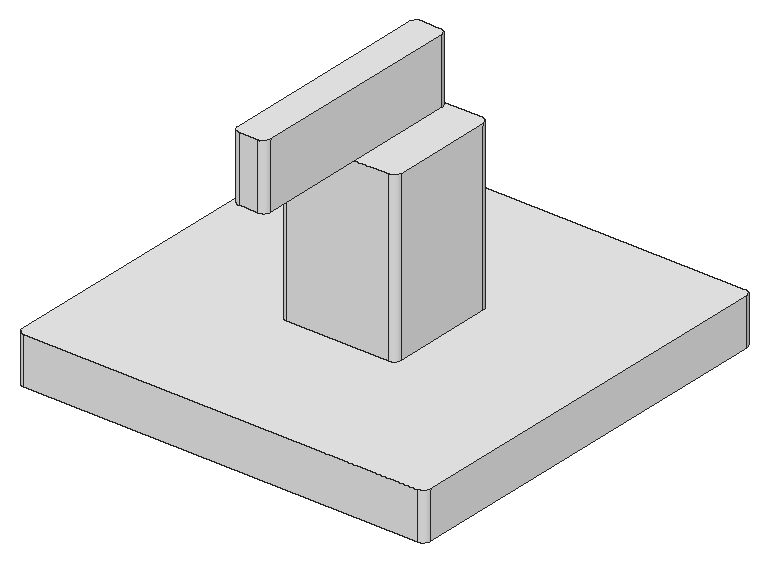
Revit family
Parameters (values of type "Chrome-Polished_Chrome-CP")
  Width = 0' - 5 1/2"
  WFU = 0
  URL = "http://www.us.kohler.com"
  Product Page URL = "http://www.us.kohler.com/onlinecatalog/detail.jsp?prod_num=T14673-4"
  Product Documentation Link = "http://www.us.kohler.com/onlinecatalog/pdf/1138916_4.pdf"
  Model = "K-T14673-4"  # constant formula
  Manufacturer = "Kohler"  # constant formula
  Length = 0' - 3 3/4"
  Hot Water Radius = 3/16"
  Hot Water Diameter = Hot Water Radius * 2  # 3/8"
  Hot Water Connector = "Hot Water Connection"  # constant formula
  Height = 0' - 5 1/2"
  HWFU = 0
  HW Connection = yes
  Finish = Chrome-Kohler-CP-Polished_Chrome
  Description = "Sheetflow volume control valve trim"  # constant formula
  Default Elevation = 0' - 0"
  Created By = "http://medialab3dstudio.com/"
  Cold Water Radius = 3/16"
  Cold Water Diameter = Cold Water Radius * 2  # 3/8"
  Cold Water Connector = "Cold Water Connection"  # constant formula
  CWFU = 0
  CW Connection = yes
  Assembly Code = "C1030200"
  Actual Valve Water Flow = 0 GPM
  ADA Compliant = yes
Types (4): name | Finish
  (no name) | Chrome-Kohler-CP-Polished_Chrome
  Chrome-Polished_Chrome-CP | Chrome-Kohler-CP-Polished_Chrome
  Nickel-Brushed_Nickel-BN | Nickel-Kohler-BN-Brushed_Nickel
  Nickel-Polished_Nickel-SN | Nickel-Kohler-SN-Polished_Nickel
Reference planes (in)
  plane 1 "Center (Front/Back)": y = 0
  plane 2 "Back": z = 0
  plane 3 "Center (Left/Right)": x = 0
  plane 4 "Left": x = -2.75
  plane 5 "Right": x = 2.75
  plane 6 "Top": y = 2.75
  plane 7 "Bottom": y = -2.75
  plane 8 "Front": z = 3.75
  plane 9 "Top of Base": z = 0.625
  plane 10: y = 0.78125
  plane 11: y = -0.78125
  plane 12: x = -0.78125
  plane 13: x = 0.78125
  plane 14: z = 2.875
  plane 15: x = -0.21875
  plane 16: x = 0.21875
  plane 17: y = -2.28125
  plane 18: x = 0.3125
  plane 19: x = -0.3125
  plane 20: z = 0.25712
Forms (in)
  Extrusion 1, solid, not visible
    sketch origin (0, 0, 0) x (1, 0, 0) y (0, 1, 0)
      loop
        line (-11, 13) -> (-11, -13.03094) -> (11.10516, -13.03094) -> (11.10516, 13) -> (-11, 13)
    from 0 to -12
  Extrusion 2, solid, material "Chrome-Kohler-CP-Polished_Chrome" <- "Finish", detail levels medium+fine
    sketch origin (0, 0, 0) x (1, 0, 0) y (0, 1, 0)
      loop
        arc (-2.65625, 2.75) -> (-2.72254, 2.72254) -> (-2.75, 2.65625) r 0.09375
        line (-2.75, 2.65625) -> (-2.75, -2.65625)
        arc (-2.75, -2.65625) -> (-2.72254, -2.72254) -> (-2.65625, -2.75) r 0.09375
        line (-2.65625, -2.75) -> (2.65625, -2.75)
        arc (2.65625, -2.75) -> (2.72254, -2.72254) -> (2.75, -2.65625) r 0.09375
        line (2.75, -2.65625) -> (2.75, 2.65625)
        arc (2.75, 2.65625) -> (2.72254, 2.72254) -> (2.65625, 2.75) r 0.09375
        line (2.65625, 2.75) -> (-2.65625, 2.75)
    from 0 to 0.625
  Extrusion 3, solid, material "Chrome-Kohler-CP-Polished_Chrome" <- "Finish", detail levels medium+fine
    sketch origin (0, 0, 0) x (1, 0, 0) y (0, 1, 0)
      loop
        arc (-0.6875, 0.78125) -> (-0.75379, 0.75379) -> (-0.78125, 0.6875) r 0.09375
        line (-0.78125, 0.6875) -> (-0.78125, -0.6875)
        arc (-0.78125, -0.6875) -> (-0.75379, -0.75379) -> (-0.6875, -0.78125) r 0.09375
        line (-0.6875, -0.78125) -> (0.6875, -0.78125)
        arc (0.6875, -0.78125) -> (0.75379, -0.75379) -> (0.78125, -0.6875) r 0.09375
        line (0.78125, -0.6875) -> (0.78125, 0.6875)
        arc (0.78125, 0.6875) -> (0.75379, 0.75379) -> (0.6875, 0.78125) r 0.09375
        line (0.6875, 0.78125) -> (-0.6875, 0.78125)
    from 0.625 to 2.875
  Extrusion 4, solid, material "Chrome-Kohler-CP-Polished_Chrome" <- "Finish", detail levels medium+fine
    sketch origin (0, 0, 0) x (1, 0, 0) y (0, 1, 0)
      loop
        arc (-0.125, 0.78125) -> (-0.19129, 0.75379) -> (-0.21875, 0.6875) r 0.09375
        line (-0.21875, 0.6875) -> (-0.21875, -2.1875)
        arc (-0.21875, -2.1875) -> (-0.19129, -2.25379) -> (-0.125, -2.28125) r 0.09375
        line (-0.125, -2.28125) -> (0.125, -2.28125)
        arc (0.125, -2.28125) -> (0.19129, -2.25379) -> (0.21875, -2.1875) r 0.09375
        line (0.21875, -2.1875) -> (0.21875, 0.6875)
        arc (0.21875, 0.6875) -> (0.19129, 0.75379) -> (0.125, 0.78125) r 0.09375
        line (0.125, 0.78125) -> (-0.125, 0.78125)
    from 2.875 to 3.75
  Extrusion 5, void
    sketch origin (0, 0, 0) x (1, 0, 0) y (0, 1, 0)
      loop
        arc (0.125, 0) -> (0.17992, -0.13258) -> (0.3125, -0.1875) r 0.1875
        arc (0.3125, -0.1875) -> (0.44508, -0.13258) -> (0.5, 0) r 0.1875
        arc (0.5, 0) -> (0.44508, 0.13258) -> (0.3125, 0.1875) r 0.1875
        arc (0.3125, 0.1875) -> (0.17992, 0.13258) -> (0.125, 0) r 0.1875
      loop
        arc (-0.3125, 0.1875) -> (-0.44508, 0.13258) -> (-0.5, 0) r 0.1875
        arc (-0.5, 0) -> (-0.44508, -0.13258) -> (-0.3125, -0.1875) r 0.1875
        arc (-0.3125, -0.1875) -> (-0.17992, -0.13258) -> (-0.125, 0) r 0.1875
        arc (-0.125, 0) -> (-0.17992, 0.13258) -> (-0.3125, 0.1875) r 0.1875
    from 0 to 0.25712
Cuts and joins
  Extrusion 5 cuts Extrusion 2
  joined: Extrusion 2, Extrusion 3, Extrusion 4
Lines and regions (in)
  Masking region 1
    outline origin (0, 0, 0) x (1, 0, 0) y (0, 1, 0)
      loop
        line (-2.75, 2.75) -> (-2.75, -2.75) -> (2.75, -2.75) -> (2.75, 2.75) -> (-2.75, 2.75)
  Masking region 2, detail levels medium+fine
    outline origin (0, 0, 3.75) x (-1, 0, 0) y (0, -1, 0)
      loop
        line (0.78125, -0.78125) -> (0.78125, 0.78125) -> (0.21875, 0.78125) -> (0.21875, 2.28125) -> (-0.21875, 2.28125) -> (-0.21875, 0.78125) -> (-0.78125, 0.78125) -> (-0.78125, -0.78125) -> (0.78125, -0.78125)
  Masking region 3, detail levels coarse
    outline origin (0, 0, 0) x (1, 0, 0) y (0, 0, 1)
      loop
        line (-2.75, 3.75) -> (-2.75, 0) -> (2.75, 0) -> (2.75, 3.75) -> (-2.75, 3.75)
  Masking region 4, detail levels medium+fine
    outline origin (0, 0, 0) x (1, 0, 0) y (0, 0, 1)
      loop
        line (2.75, 0.625) -> (0.78125, 0.625) -> (0.78125, 2.875) -> (0.21875, 2.875) -> (0.21875, 3.75) -> (-0.21875, 3.75) -> (-0.21875, 2.875) -> (-0.78125, 2.875) -> (-0.78125, 0.625) -> (-2.75, 0.625) -> (-2.75, 0) -> (2.75, 0) -> (2.75, 0.625)
  Masking region 5, detail levels coarse
    outline origin (0, 0, 0) x (0, 1, 0) y (0, 0, 1)
      loop
        line (2.75, 3.75) -> (-2.75, 3.75) -> (-2.75, 0) -> (2.75, 0) -> (2.75, 3.75)
  Masking region 6, detail levels fine
    outline origin (0, 0, 0) x (0, 1, 0) y (0, 0, 1)
      loop
        line (-2.75, 0) -> (2.75, 0) -> (2.75, 0.625) -> (0.78125, 0.625) -> (0.78125, 3.75) -> (-2.28125, 3.75) -> (-2.28125, 2.875) -> (-0.78125, 2.875) -> (-0.78125, 0.625) -> (-2.75, 0.625) -> (-2.75, 0)
  Masking region 7, detail levels medium+fine
    outline origin (0, 0, 0) x (0, 1, 0) y (0, 0, 1)
      loop
        line (-2.75, 0) -> (2.75, 0) -> (2.75, 0.625) -> (0.78125, 0.625) -> (0.78125, 3.75) -> (-2.28125, 3.75) -> (-2.28125, 2.875) -> (-0.78125, 2.875) -> (-0.78125, 0.625) -> (-2.75, 0.625) -> (-2.75, 0)
  Masking region 8, detail levels fine
    outline origin (0, 0, 0) x (1, 0, 0) y (0, 1, 0)
      loop
        arc (-0.125, 0) -> (-0.17992, 0.13258) -> (-0.3125, 0.1875) r 0.1875
        arc (-0.3125, 0.1875) -> (-0.44508, 0.13258) -> (-0.5, 0) r 0.1875
        arc (-0.5, 0) -> (-0.44508, -0.13258) -> (-0.3125, -0.1875) r 0.1875
        arc (-0.3125, -0.1875) -> (-0.17992, -0.13258) -> (-0.125, 0) r 0.1875
      loop
        arc (0.125, 0) -> (0.17992, -0.13258) -> (0.3125, -0.1875) r 0.1875
        arc (0.3125, -0.1875) -> (0.44508, -0.13258) -> (0.5, 0) r 0.1875
        arc (0.5, 0) -> (0.44508, 0.13258) -> (0.3125, 0.1875) r 0.1875
        arc (0.3125, 0.1875) -> (0.17992, 0.13258) -> (0.125, 0) r 0.1875
  symbolic lines, style "Masking Lines", detail levels fine
    curve 1: line (-0.21875, -0.78125, 3.75) -> (-0.21875, 0.78125, 3.75)
    curve 2: line (0.21875, 0.78125, 3.75) -> (0.21875, -0.78125, 3.75)
    curve 3: line (-0.78125, 0, 0.625) -> (0.78125, 0, 0.625)
    curve 4: line (0, 0.78125, 2.875) -> (0, -0.78125, 2.875)
    curve 5: line (0, 0.78125, 0.625) -> (0, -0.78125, 0.625)
    curve 6: line (-0.21875, 0, 2.875) -> (0.21875, 0, 2.875)
Dimensions and locks (in)
  equal spacing: plane 4 "Left", plane 3 "Center (Left/Right)", plane 5 "Right", locked at 2.75 each
  "Width": plane 4 "Left" to plane 5 "Right"
  equal spacing: plane 6 "Top", plane 1 "Center (Front/Back)", plane 7 "Bottom", locked at 2.75 each
  "Height": plane 6 "Top" to plane 7 "Bottom"
  "Length": plane 8 "Front" to plane 2 "Back"
  plane 15 to plane 3 "Center (Left/Right)" to plane 16 = 0' - 0 7/32" locked, 0' - 0 7/32" locked
  plane 12 to plane 3 "Center (Left/Right)" to plane 13 = 0' - 0 25/32" locked, 0' - 0 25/32" locked
  locked: plane 17 to plane 7 "Bottom" at 0.46875
  equal spacing: plane 10, plane 1 "Center (Front/Back)", plane 11, locked at 0.78125 each
  plane 14 to plane 9 "Top of Base" to plane 2 "Back" = 0' - 2 1/4", 0' - 0 5/8" locked
  plane 10 to plane 1 "Center (Front/Back)" to plane 11 = 0' - 0 25/32" locked, 0' - 0 25/32" locked
  plane 19 to plane 3 "Center (Left/Right)" to plane 18 = 0' - 0 5/16" locked, 0' - 0 5/16" locked
  locked: plane 20 to plane 2 "Back" at 0.25712
  radius of Extrusion 2 sketch curve = 0' - 0 3/32"  (x4)
  radius of Extrusion 3 sketch curve = 0' - 0 3/32"  (x4)
  radius of Extrusion 4 sketch curve = 0' - 0 3/32"  (x4)
  "Cold Water Radius": radius of Extrusion 5 sketch curve
  "Hot Water Radius": radius of Extrusion 5 sketch curve
  aligned and locked: plane 2 "Back" to Extrusion 1
  aligned and locked: level to Extrusion 1
  aligned and locked: Extrusion 2 sketch curve to plane 6 "Top"
  aligned and locked: Extrusion 2 sketch curve to plane 5 "Right"
  aligned and locked: plane 7 "Bottom" to Extrusion 2 sketch curve
  aligned and locked: plane 4 "Left" to Extrusion 2 sketch curve  (x2)
  aligned and locked: Extrusion 2 to plane 2 "Back"
  aligned and locked: plane 9 "Top of Base" to Extrusion 2
  aligned and locked: Extrusion 3 sketch curve to plane 10
  aligned and locked: Extrusion 3 sketch curve to plane 13
  aligned and locked: plane 11 to Extrusion 3 sketch curve
  aligned and locked: plane 12 to Extrusion 3 sketch curve
  aligned and locked: Extrusion 3 to plane 9 "Top of Base"
  aligned and locked: plane 15 to Extrusion 4 sketch curve
  aligned and locked: Extrusion 4 sketch curve to plane 10
  aligned and locked: Extrusion 4 sketch curve to plane 16
  aligned and locked: plane 17 to Extrusion 4 sketch curve
  aligned and locked: Extrusion 4 to plane 14
  aligned and locked: plane 8 "Front" to Extrusion 4
  aligned and locked: Masking region 1 sketch curve to plane 6 "Top"
  aligned and locked: plane 4 "Left" to Masking region 1 sketch curve
  aligned and locked: Masking region 1 sketch curve to plane 5 "Right"
  aligned and locked: plane 7 "Bottom" to Masking region 1 sketch curve
  aligned and locked: plane 15 to Masking region 2 sketch curve
  aligned and locked: plane 11 to Masking region 2 sketch curve  (x2)
  aligned and locked: plane 12 to Masking region 2 sketch curve
  aligned and locked: Masking region 2 sketch curve to plane 10
  aligned and locked: Masking region 2 sketch curve to plane 13
  aligned and locked: Masking region 2 sketch curve to plane 16
  aligned and locked: plane 17 to Masking region 2 sketch curve
  aligned and locked: Masking region 3 sketch curve to plane 8 "Front"
  aligned and locked: Masking region 3 sketch curve to plane 5 "Right"
  aligned and locked: plane 2 "Back" to Masking region 3 sketch curve
  aligned and locked: plane 4 "Left" to Masking region 3 sketch curve
  aligned and locked: plane 2 "Back" to Masking region 4 sketch curve
  aligned and locked: Masking region 4 sketch curve to plane 5 "Right"
  aligned and locked: Masking region 4 sketch curve to plane 9 "Top of Base"  (x2)
  aligned and locked: Masking region 4 sketch curve to plane 13
  aligned and locked: Masking region 4 sketch curve to plane 16
  aligned and locked: Masking region 4 sketch curve to plane 8 "Front"
  aligned and locked: plane 15 to Masking region 4 sketch curve
  aligned and locked: plane 12 to Masking region 4 sketch curve
  aligned and locked: plane 4 "Left" to Masking region 4 sketch curve
  aligned and locked: cut or joined group of Extrusion 2, Extrusion 3, Extrusion 4, Extrusion 5 to plane 14
  aligned and locked: curve 3 to plane 9 "Top of Base"
  aligned and locked: Masking region 5 sketch curve to plane 8 "Front"
  aligned and locked: plane 7 "Bottom" to Masking region 5 sketch curve
  aligned and locked: plane 2 "Back" to Masking region 5 sketch curve
  aligned and locked: Masking region 5 sketch curve to plane 6 "Top"
  aligned and locked: Masking region 6 sketch curve to plane 9 "Top of Base"
  aligned and locked: Masking region 6 sketch curve to plane 10
  aligned and locked: plane 17 to Masking region 6 sketch curve
  aligned and locked: Masking region 6 sketch curve to plane 8 "Front"
  aligned and locked: plane 2 "Back" to Masking region 7 sketch curve
  aligned and locked: plane 7 "Bottom" to Masking region 7 sketch curve
  aligned and locked: Masking region 7 sketch curve to plane 9 "Top of Base"  (x2)
  aligned and locked: plane 11 to Masking region 7 sketch curve
  aligned and locked: plane 14 to Masking region 7 sketch curve
  aligned and locked: plane 17 to Masking region 7 sketch curve
  aligned and locked: Masking region 7 sketch curve to plane 8 "Front"
  aligned and locked: Masking region 7 sketch curve to plane 10
  aligned and locked: Masking region 7 sketch curve to plane 6 "Top"
  aligned and locked: curve 5 to plane 9 "Top of Base"
  aligned and locked: curve 4 to plane 14
  aligned and locked: curve 2 to plane 16
  aligned and locked: plane 15 to curve 1
  aligned and locked: plane 10 to curve 2
  aligned and locked: plane 10 to curve 1
  aligned and locked: plane 18 to Extrusion 5 sketch curve  (x2)
  aligned and locked: plane 1 "Center (Front/Back)" to Extrusion 5 sketch curve  (x4)
  aligned and locked: plane 19 to Extrusion 5 sketch curve  (x2)
  aligned and locked: Extrusion 5 to plane 2 "Back"
  aligned and locked: plane 20 to Extrusion 5
Automatic sketch dimensions
  Extrusion 1 sketch curve to Extrusion 1 sketch curve = 1' - 10.10516"
  Extrusion 1 sketch curve to Extrusion 1 sketch curve = 2' - 2.03094"
  curve 2 to plane 11 = 0' - 0"
  curve 1 to plane 11 = 0' - 0"
  Masking region 6 sketch curve to level = 0' - 0"
  Masking region 6 sketch curve to plane 7 "Bottom" = 0' - 0"
  Masking region 6 sketch curve to plane 14 = 0' - 0"
  Masking region 6 sketch curve to plane 11 = 0' - 0"
  Masking region 6 sketch curve to plane 6 "Top" = 0' - 0"
  Masking region 6 sketch curve to plane 9 "Top of Base" = 0' - 0"
  curve 4 to plane 11 = 0' - 0"
  curve 5 to plane 11 = 0' - 0"
  curve 5 to plane 10 = 0' - 0"
  curve 4 to plane 10 = 0' - 0"
  Masking region 8 sketch curve to Masking region 8 sketch curve = 0' - 0"  (x24)
  plane 1 "Center (Front/Back)" to Masking region 8 sketch curve = 0' - 0"  (x2)
  plane 12 to Masking region 8 sketch curve = 0' - 0 9/32"
  Masking region 8 sketch curve to plane 15 = 0' - 0 3/32"
  Masking region 8 sketch curve to plane 16 = 0' - 0 3/32"
  plane 16 to Masking region 8 sketch curve = 0' - 0 3/32"
  Masking region 4 sketch curve to plane 14 = 0' - 0"  (x2)
  curve 3 to plane 12 = 0' - 0"
  curve 6 to plane 14 = 0' - 0"
  curve 6 to plane 15 = 0' - 0"
  curve 6 to plane 16 = 0' - 0"
  curve 3 to plane 13 = 0' - 0"
Connectors (in)
  piping at (0.3125, 0, 0), driven by "Actual Valve Water Flow", driven by "Cold Water Radius", driven by "CW Connection", driven by "Cold Water Connector", driven by "CWFU"
    settings: on cut or joined group of Extrusion 2, Extrusion 3, Extrusion 4, Extrusion 5, index 1, connector radius 3/16", flow factor 0, pipe flow 0 GPM, pressure drop 0.00 psi, fitting loss kfactor 0, connector angle 0.00°, fixture units 0, flow configuration 3, flow direction 1, fitting loss method 0, system type 20, connector reference index -1, connector utility 1, adjustable connector no, is connector primary yes, fitting loss table "", connector description "Cold Water Connection"
  piping at (-0.3125, 0, 0), driven by "Actual Valve Water Flow", driven by "Hot Water Radius", driven by "HW Connection", driven by "Hot Water Connector", driven by "HWFU"
    settings: on cut or joined group of Extrusion 2, Extrusion 3, Extrusion 4, Extrusion 5, index 2, connector radius 3/16", flow factor 0, pipe flow 0 GPM, pressure drop 0.00 psi, fitting loss kfactor 0, connector angle 0.00°, fixture units 0, flow configuration 3, flow direction 1, fitting loss method 0, system type 19, connector reference index -1, connector utility 1, adjustable connector no, is connector primary no, fitting loss table "", connector description "Hot Water Connection"
